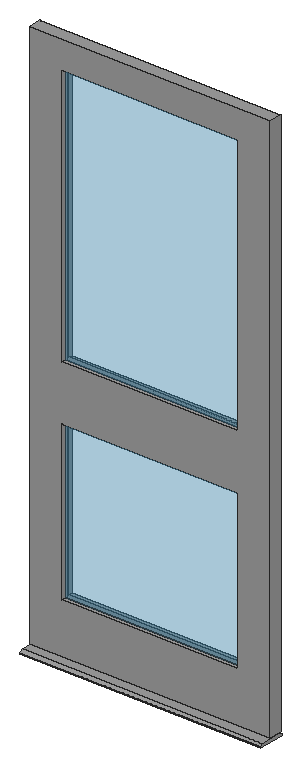
Revit family "WS-500TC-DOOR-1-SF_v04", category Curtain Panels, Revit 2015
Parameters
  Width [instance] = 3' - 2"
  URL = "obe.com"
  Rough Width [instance] = 3' - 6"
  Offset [instance] = 0' - 0"
  Model = "WS-500TC DOOR"
  Min-Max Rough Width [instance] = if(and((Rough Width > 2' 11 255/256"), (Rough Width < 3' 6 1/256")), Rough Width, 3' 0")  # 3' - 6"
  Manufacturer = "Oldcastle BuildingEnvelope®"
  Keynote = "08 11 00"
  Hinge [instance] = yes
  Height [instance] = 8' - 0"
  Pushbar Height [instance] = 3' - 5 1/4"  # constant formula
  Glass Material = Glass
  Frame Material = Aluminum
  Door Panel Height [instance] = Height + 0' 0 17/32"  # 8' - 0 17/32"
  Description = "WS-500TC 1 Door Infill"
  Assembly Code = "B2030"
  Analytic Construction = "<None>"
  8 Muntin [instance] = not([4 Muntin])  # yes
  4 Muntin [instance] = no
  8 Bottom Rail [instance] = not([10 Bottom Rail])  # yes
  10 Bottom Rail [instance] = no
Reference planes (in)
  plane 1 "Front": y = 0
  plane 2: z = 0
  plane 3 "Center (Left/Right)": x = 0
  plane 4 "Left": x = -19
  plane 5 "Right": x = 19
  plane 6 "Top": z = 96
  plane 7: x = -21
  plane 8: x = 21
Text (in)
  text "Exterior" at (-54.29358, 31.38743, 0), in view "Ref. Level"
  text "Exterior" at (480, 41.53993, 89.60405), in view "Right"
  text "Exterior" at (-240, 57.82419, 105.78864), in view "Left"
Dimensions and locks (in)
  equal spacing: plane 4 "Left", plane 3 "Center (Left/Right)", plane 5 "Right"
  "Width": plane 4 "Left" to plane 5 "Right"
  "Height": plane 6 "Top" to plane 2
  equal spacing: plane 7, plane 3 "Center (Left/Right)", plane 8
  "Min-Max Rough Width": plane 7 to plane 8
  aligned and locked: level to plane 2
  aligned and locked: plane 3 "Center (Left/Right)" to nested 1
  aligned and locked: plane 1 "Front" to nested 1
Nested families (in)
  nested 1: "WS-500TC-DOOR-1-Panel_v03" at (0, -19, 0), Frame Material <- "Frame Material", Glass Material <- "Glass Material", 4 Muntin <- "4 Muntin", 8 Muntin <- "8 Muntin", Hinge <- "Hinge", 8 Bottom Rail <- "8 Bottom Rail", Height <- "Door Panel Height", Width <- "Min-Max Rough Width", Offset <- "Offset", type "WS-500TC-DOOR-1-Panel_v03"
    with built-in parameter 1001301 3' - 6", Pushbar Height 3' - 5 1/4", Offset 0' - 0", Hinge yes, built-in parameter 1001300 8' - 0 17/32", Glass at Muntin 0' - 8 9/16", Glass Material Glass, Frame Material Aluminum, Bottom Rail 0' - 8 29/32", 8 Muntin yes, 8 Bottom Rail yes, 4 Muntin no, 10 Bottom Rail no
Definition of nested family "WS-500TC-DOOR-1-Panel_v03"
  Parameters (values of type "WS-500TC-DOOR-1-Panel_v03")
    Width [instance] = 3' - 1 1/2"
    Pushbar Height [instance] = 3' - 5 1/4"  # constant formula
    Offset [instance] = 0' - 1"
    Hinge [instance] = yes
    Height [instance] = 8' - 0"
    Glass at Muntin [instance] = if([4 Muntin], 0' 4 9/16", 0' 8 9/16")  # 0' - 4 9/16"
    Glass Material [instance] = none
    Frame Material [instance] = none
    Bottom Rail [instance] = if([10 Bottom Rail], 0' 10 29/32", 0' 8 29/32")  # 0' - 8 29/32"
    Analytic Construction = "<None>"
    8 Muntin [instance] = not([4 Muntin])  # no
    4 Muntin [instance] = yes
    8 Bottom Rail [instance] = yes
    10 Bottom Rail [instance] = not([8 Bottom Rail])  # no
  Reference planes (in)
    plane 1 "00": y = 16.875
    plane 2: z = 0
    plane 3 "Center (Left/Right)": x = 0
    plane 4: z = 96
    plane 5: x = -18.75
    plane 6: x = 18.75
    plane 7 "Center (Front/Back)": y = 19
    plane 8 "Exterior": y = 17.375
    plane 9: z = 48
    plane 10: z = 92.96875
    plane 11: z = 90.87879
    plane 12: z = 38.96875
    plane 13: z = 43.53125
    plane 14: z = 8.90625
    plane 15 "Offset": y = 18
    plane 16: x = -13.30262
    plane 17: x = 13.30262
    plane 18: z = 41.25
  Forms (in)
    Sweep 1, solid, material <- "Frame Material"
      path origin (2.49696, 5, 0) x (1, 0, 0) y (0, 0, 1)
        loop
          line (-20.94393, 96) -> (15.95002, 96)
      profile origin (0, 5, 96) x (0, 0, 1) y (0, -1, 0)
        loop
          line (-5.53121, -12.375) -> (-5.53121, -12.99855) -> (-0.78125, -12.99855) -> (-0.78125, -10.74755) -> (-5.53121, -10.74755) -> (-5.53121, -11.375) -> (-5.12121, -11.375) -> (-5.12121, -12.375) -> (-5.53121, -12.375)
    Sweep 2, solid, material <- "Frame Material"
      path origin (2.49696, 16.875, 0) x (1, 0, 0) y (0, 0, 1)
        loop
          line (15.95002, 0) -> (-20.94393, 0)
      profile origin (0, 16.875, 0) x (0, 0, -1) y (0, -1, 0)
        loop
          line (-9.43778, 1.12745) -> (-9.43778, 0.50024) -> (-8.90649, 0.50024) -> (-8.90649, -0.49976) -> (-9.43796, -0.5) -> (-9.43796, -1.12355) -> (-8.90649, -1.12355) -> (-0.68754, -1.12355) -> (-0.68754, 1.12745) -> (-9.43778, 1.12745)
        loop
          line (-0.5, -0.86754) -> (-0.25001, -1.36755) -> (0, -1.36755) -> (0, 3.13245) -> (-0.25001, 3.13245) -> (-0.5, 2.63246) -> (-0.5, -0.86754)
    Sweep 3, solid, material <- "Frame Material"
      path origin (2.49696, 16.875, 0) x (1, 0, 0) y (0, 0, 1)
        loop
          line (16.25304, 95.21875) -> (16.25304, 0.68754)
      profile origin (18.75, 16.875, 47.95315) x (0, -1, 0) y (1, 0, 0)
        loop
          line (1.12747, -0.30303) -> (-1.15855, -0.30303) -> (-1.15855, -0.41303) -> (-1.12355, -0.41303) -> (-1.12355, -5.85258) -> (-0.5, -5.85258) -> (-0.5, -5.44258) -> (0.5, -5.44258) -> (0.5, -5.85258) -> (1.12747, -5.85258) -> (1.12747, -0.30303)
    Sweep 4, solid, material <- "Frame Material"
      path origin (2.49696, 16.875, 0) x (1, 0, 0) y (0, 0, 1)
        loop
          line (-21.24696, 95.21875) -> (-21.24696, 0.68754)
      profile origin (-18.75, 16.875, 47.95315) x (0, -1, 0) y (1, 0, 0)
        loop
          line (-1.12355, 5.85258) -> (-1.12355, 0.41303) -> (-1.15855, 0.41303) -> (-1.15855, 0.30303) -> (1.12747, 0.30303) -> (1.12747, 5.85258) -> (0.5, 5.85258) -> (0.5, 5.44738) -> (-0.5, 5.44738) -> (-0.5, 5.85258) -> (-1.12355, 5.85258)
    Sweep 5, solid, material <- "Frame Material"
      path origin (2.49696, 16.875, 0) x (1, 0, 0) y (0, 0, 1)
        loop
          line (15.95002, 48) -> (-20.94393, 48)
      profile origin (0, 16.875, 48) x (0, 0, -1) y (0, -1, 0)
        loop
          line (3.93679, 0.5) -> (4.46875, 0.5) -> (4.46875, -0.5) -> (3.93679, -0.5) -> (3.93679, -1.12355) -> (9.44125, -1.12355) -> (9.44125, -0.5) -> (9.03125, -0.5) -> (9.03125, 0.5) -> (9.44125, 0.5) -> (9.44125, 1.12745) -> (3.93679, 1.12745) -> (3.93679, 0.5)
    Extrusion 6, solid, material <- "Glass Material", detail levels coarse
      sketch origin (0, 0, 0) x (1, 0, 0) y (0, 1, 0)
        loop
          line (-13.30262, 17.375) -> (-13.30262, 16.375) -> (13.30262, 16.375) -> (13.30262, 17.375) -> (-13.30262, 17.375)
      from 43.53125 to 90.87879
    Extrusion 7, solid, material <- "Glass Material", detail levels medium+fine
      sketch origin (0, 0, 0) x (1, 0, 0) y (0, 1, 0)
        loop
          line (-13.30262, 16.375) -> (13.30262, 16.375) -> (13.30262, 16.623) -> (-13.30262, 16.623) -> (-13.30262, 16.375)
        loop
          line (13.30262, 17.375) -> (-13.30262, 17.375) -> (-13.30262, 17.127) -> (13.30262, 17.127) -> (13.30262, 17.375)
      from 43.53125 to 90.87879
    Extrusion 8, solid, material <- "Glass Material", detail levels coarse
      sketch origin (0, 0, 0) x (1, 0, 0) y (0, 1, 0)
        loop
          line (-13.30262, 17.375) -> (-13.30262, 16.375) -> (13.30262, 16.375) -> (13.30262, 17.375) -> (-13.30262, 17.375)
      from 8.90625 to 38.96875
    Extrusion 9, solid, material <- "Glass Material", detail levels medium+fine
      sketch origin (0, 0, 0) x (1, 0, 0) y (0, 1, 0)
        loop
          line (-13.30262, 17.375) -> (-13.30262, 17.127) -> (13.30262, 17.127) -> (13.30262, 17.375) -> (-13.30262, 17.375)
        loop
          line (-13.30262, 16.623) -> (-13.30262, 16.375) -> (13.30262, 16.375) -> (13.30262, 16.623) -> (-13.30262, 16.623)
      from 8.90625 to 38.96875
  Cuts and joins
    joined: Sweep 1, Sweep 2, Sweep 3, Sweep 4, Sweep 5
  Lines and regions (in)
    model lines
      curve 1: line (-12.89742, 16.875, 48) -> (12.89742, 16.875, 9.43778)
      curve 2: line (-12.89742, 16.875, 48) -> (12.89742, 16.875, 90.46879)
  Dimensions and locks (in)
    "Offset": plane 15 "Offset" to plane 7 "Center (Front/Back)"
    plane 1 "00" to plane 8 "Exterior" to plane 15 "Offset" = 0' - 0 1/2" locked, 0' - 0 5/8" locked
    equal spacing: level, plane 9, plane 4
    locked: plane 4 to plane 10 at 3.03125
    Extrusion 6 sketch curve to plane 1 "00" to Extrusion 6 sketch curve = 0' - 0 1/2" locked, 0' - 0 1/2" locked
    Extrusion 8 sketch curve to plane 1 "00" to Extrusion 8 sketch curve = 0' - 0 1/2" locked, 0' - 0 1/2" locked
    Extrusion 9 sketch curve to Extrusion 9 sketch curve to plane 1 "00" to Extrusion 9 sketch curve to Extrusion 9 sketch curve = 0' - 0.248" locked, 0' - 0.252" locked, 0' - 0.252" locked, 0' - 0.248" locked
    "Glass at Muntin": plane 12 to plane 13
    plane 11 to plane 4 = 0' - 5.12121"
    "Height": plane 4 to plane 2
    locked: plane 13 to Sweep 5 sketch curve at 0.53196  (x2)
    locked: Sweep 5 sketch curve to plane 12 at 0.41  (x2)
    locked: Sweep 1 sketch curve to plane 11 at 0.41  (x2)
    locked: plane 4 to Sweep 4 sketch curve at 0.78125
    locked: plane 4 to Sweep 3 sketch curve at 0.78125
    "Bottom Rail": plane 14 to plane 2
    locked: plane 14 to Sweep 2 sketch curve at 0.53153
    locked: Sweep 2 sketch curve to plane 14 at 0.53171
    locked: plane 5 to plane 16 at 5.44738
    locked: plane 17 to plane 6 at 5.44738
    equal spacing: plane 5, plane 3 "Center (Left/Right)", plane 6
    "Width": plane 5 to plane 6
    locked: Sweep 2 sketch curve to plane 5 at 0.30303
    locked: plane 6 to Sweep 2 sketch curve at 0.30303
    locked: plane 6 to Sweep 5 sketch curve at 0.30303
    locked: Sweep 5 sketch curve to plane 5 at 0.30303
    locked: plane 6 to Sweep 1 sketch curve at 0.30303
    locked: Sweep 1 sketch curve to plane 5 at 0.30303
    equal spacing: plane 12, plane 18, plane 13
    "Pushbar Height": plane 2 to plane 18
    Extrusion 7 sketch curve to Extrusion 7 sketch curve to Extrusion 7 sketch curve to Extrusion 7 sketch curve to plane 15 "Offset" = 0' - 0.248" locked, 0' - 0.504" locked, 0' - 0.248" locked, 0' - 0 5/8" locked
    locked: plane 2 to Sweep 3 sketch curve at 0.68754
    locked: plane 2 to Sweep 4 sketch curve at 0.68754
    aligned and locked: plane 2 to level
    aligned and locked: Sweep 1 sketch curve to plane 4
    aligned and locked: Sweep 2 sketch curve to level
    aligned and locked: Sweep 5 sketch curve to plane 9
    aligned and locked: Extrusion 7 to plane 11
    aligned and locked: Extrusion 6 to plane 11
    aligned and locked: plane 13 to Extrusion 7
    aligned and locked: Extrusion 8 to plane 12
    aligned and locked: plane 9 to curve 1
    aligned and locked: Extrusion 8 to plane 14
    aligned and locked: Extrusion 6 to plane 16
    aligned and locked: Extrusion 7 to plane 16  (x2)
    aligned and locked: Extrusion 8 to plane 16
    aligned and locked: plane 17 to Extrusion 6
    aligned and locked: plane 17 to Extrusion 8
    aligned and locked: plane 17 to Extrusion 7  (x2)
    aligned and locked: plane 17 to Extrusion 9 sketch curve
    aligned and locked: Sweep 4 sketch curve to plane 5
    aligned and locked: Sweep 3 sketch curve to plane 6
    aligned and locked: plane 13 to Extrusion 6
    aligned and locked: Extrusion 9 to plane 12
  Automatic sketch dimensions
    Sweep 3 sketch curve to plane 1 "00" = 0' - 1.15855"
    Sweep 3 sketch curve to Sweep 3 sketch curve = 0' - 0.035"
    Sweep 3 sketch curve to plane 1 "00" = 0' - 0 1/2"
    plane 1 "00" to Sweep 3 sketch curve = 0' - 0 1/2"
    profile plane to Sweep 3 sketch curve = 0' - 5.85258"
    Sweep 3 sketch curve to Sweep 3 sketch curve = 0' - 0"
    Sweep 3 sketch curve to Sweep 3 sketch curve = 0' - 0.41"
    profile plane to Sweep 3 sketch curve = 0' - 0.41303"
    Sweep 3 sketch curve to Sweep 3 sketch curve = 0' - 0.11"
    Sweep 3 sketch curve to Sweep 3 sketch curve = 0' - 0.62747"
    plane 1 "00" to Sweep 1 sketch curve = 0' - 1.12745"
    profile plane to Sweep 1 sketch curve = 0' - 0 25/32"
    plane 1 "00" to Sweep 1 sketch curve = 0' - 0 1/2"
    Sweep 1 sketch curve to plane 1 "00" = 0' - 0 1/2"
    Sweep 1 sketch curve to plane 1 "00" = 0' - 1.12355"
    Sweep 1 sketch curve to Sweep 1 sketch curve = 0' - 0.41"
    plane 1 "00" to Sweep 5 sketch curve = 0' - 0 1/2"  (x2)
    Sweep 5 sketch curve to Sweep 5 sketch curve = 0' - 0.53196"
    Sweep 5 sketch curve to plane 1 "00" = 0' - 0 1/2"  (x2)
    Sweep 5 sketch curve to Sweep 5 sketch curve = 0' - 0.41"
    Sweep 5 sketch curve to Sweep 5 sketch curve = 0' - 0.62355"
    Sweep 5 sketch curve to Sweep 5 sketch curve = 0' - 0.62745"
    Sweep 2 sketch curve to profile plane = 0' - 0"
    Sweep 2 sketch curve to Sweep 2 sketch curve = 0' - 0.53128"
    Sweep 2 sketch curve to plane 1 "00" = 0' - 0.49976"
    Sweep 2 sketch curve to Sweep 2 sketch curve = 0' - 0"  (x2)
    profile plane to Sweep 2 sketch curve = 0' - 0.68754"
    profile plane to Sweep 2 sketch curve = 0' - 0 1/2"
    profile plane to Sweep 2 sketch curve = 0' - 0 1/4"  (x2)
    Sweep 2 sketch curve to Sweep 2 sketch curve = 0' - 0.62379"
    Sweep 2 sketch curve to Sweep 2 sketch curve = 0' - 0 1/2"  (x2)
    plane 1 "00" to Sweep 2 sketch curve = 0' - 0.50024"
    Sweep 2 sketch curve to Sweep 2 sketch curve = 0' - 0.62721"
    Sweep 2 sketch curve to Sweep 2 sketch curve = 0' - 1.50501"
    Sweep 2 sketch curve to plane 1 "00" = 0' - 0 1/2"
    Extrusion 6 sketch curve to plane 6 = 0' - 5.44738"
    Extrusion 7 sketch curve to plane 6 = 0' - 5.44738"
    Extrusion 7 sketch curve to Extrusion 7 sketch curve = 0' - 0"  (x2)
    Extrusion 8 sketch curve to plane 6 = 0' - 5.44738"
    Extrusion 9 sketch curve to Extrusion 9 sketch curve = 0' - 0"  (x2)
    plane 5 to Extrusion 6 sketch curve = 0' - 5.44738"
    plane 5 to Extrusion 7 sketch curve = 0' - 5.44738"
    plane 5 to Extrusion 8 sketch curve = 0' - 5.44738"
    plane 5 to Extrusion 9 sketch curve = 0' - 5.44738"
    Sweep 4 sketch curve to profile plane = 0' - 0.30303"
    Sweep 4 sketch curve to plane 1 "00" = 0' - 1.15855"
    Sweep 4 sketch curve to Sweep 4 sketch curve = 0' - 0.035"
    Sweep 4 sketch curve to plane 1 "00" = 0' - 0 1/2"
    plane 1 "00" to Sweep 4 sketch curve = 0' - 0 1/2"
    plane 1 "00" to Sweep 4 sketch curve = 0' - 1.12747"
    Sweep 4 sketch curve to Sweep 4 sketch curve = 0' - 0.11"
    Sweep 4 sketch curve to Sweep 4 sketch curve = 0' - 5.03435"
    Sweep 4 sketch curve to Sweep 4 sketch curve = 0' - 0.40521"  (x2)
    plane 16 to curve 2 = 0' - 0.40521"
    curve 2 to plane 17 = 0' - 0.40521"
    curve 1 to plane 17 = 0' - 0.40521"
    plane 14 to curve 1 = 0' - 0.53153"
    plane 11 to curve 2 = 0' - 0.41"
    Sweep 2 sketch curve to Sweep 2 sketch curve = 0' - 0.25601"
